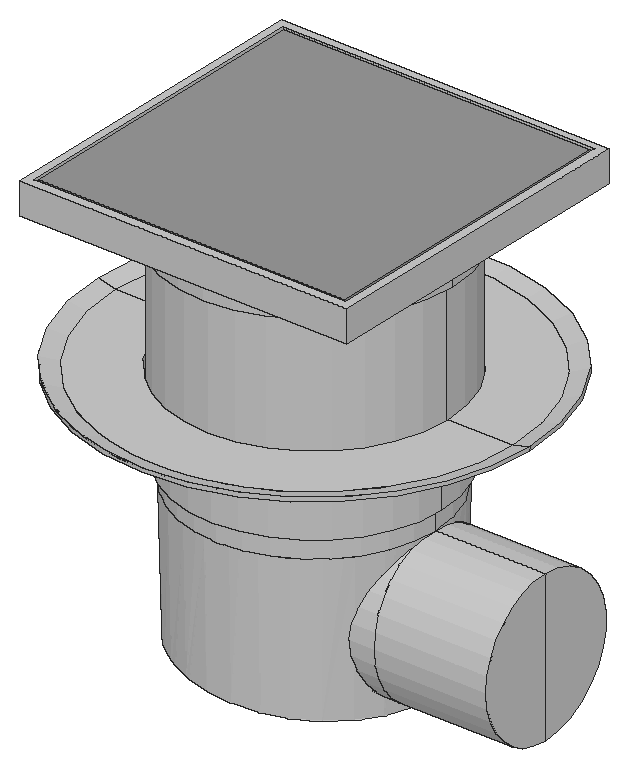
Revit family "HL_Дворовый трап серии Perfekt_HL615W", category Instalační zařizovací předměty, Revit 2016
Family settings
  Typ součásti = Normální
  Kóta kulaté spojky = Použít průměr
  Číslo OmniClass = 23.70.50.21.24.14
  Nadpis OmniClass = Deck Waste Water Drains
  Založené na pracovní rovině = Ne
  Vždy vertikální = Ano
  Ořezat dutým tvarem při načtení = Ne
  Sdílené = Ne
  Bod výpočtu místnosti = Ano
Parameters
  РЕШЁТКА = "Gusseisen 226x226mm"
  РАЗМЕР = "DN110"
  ПРОПУСКНАЯ СПОСОБНОСТЬ [instance] = 0.0 L/s
  ПРОИЗВОДИТЕЛЬНОСТЬ = "2,5 l/s"
  ПРАВОВАЯ ИНФОРМАЦИЯ = "\"Copyright (©), design rights or any other intellectual property rights, shall be the exclusive property of HL Hutterer & Lechner GmbH. Modification is not allowed. Family has been watermarked.\""
  НОМИНАЛЬНЫЙ ДИАМЕТР = 110 mm
  НАСАДКА = "42-130mm/240x240mm"
  МАТЕРИАЛ = "PP"
  МАКСИМАЛЬНАЯ НАГРУЗКА КЛАССА = "L - 1,5 t"
  ВЫСОТА МОНТАЖА = "218 mm"
  ВЕС = "7,44 kg"
  Výrobce = "HL Hutterer & Lechner GmbH"
  URL = "http://www.hutterer-lechner.com/en/products/catalog/roof-drains/HL615W.aspx"
  Материал плитка [instance] = none
  Připojení ventilace = no
  Připojení odpadu = yes
  Připojení HW = no
  Připojení CW = no
  Description = ""
  Model = "HL615W"
  Assembly Code = " "
  Type Comments = "perfect-drain DN110 horizontal with flange, 240x240mm plastic/226x226mm cast iron with trap seal"
  Keynote = "HL615W"
  IH [instance] = Высота монтажа 1 + Высота монтажа 2  # 130 mm
  Высота монтажа 2 [instance] = 0 mm
  Высота монтажа 1 [instance] = 130 mm
  G [instance] = 90.00°  # constant formula
  EAN = "9003076011254"
  D [instance] = 170 mm  # constant formula
  C [instance] = if(IH - 68 mm < 0 mm, 0 mm, IH - 68 mm)  # 62 mm
  B [instance] = 134.4 mm + IH  # 264.4 mm
  A [instance] = if(B - 100 mm > 15 mm, B - 100 mm, 15 mm)  # 164.4 mm
Types (2, lengths in mm): name | ПРАВОВАЯ ИНФОРМАЦИЯ | URL | Description | Type Comments
  (no name) | "\"Copyright (©), design rights or any other intellectual property rights, shall be the exclusive property of HL Hutterer & Lechner GmbH. Modification is not allowed. Family has been watermarked.\"" | "http://www.hutterer-lechner.com/en/products/catalog/roof-drains/HL615W.aspx" | "" | "perfect-drain DN110 horizontal with flange, 240x240mm plastic/226x226mm cast iron with trap seal"
  HL_Дворовый трап серии Perfekt_HL615W | "\"Авторские права(©), права на дизайн или какие либо другие права интелектуальной собственности являются исключительной собственностью компании HL Hutterer & Lechner. Изменению не подлежит. Файл семейства с данными о прозводителе изделия защищен паролем с водяным знаком.\"" | "http://www.hutterer-lechner.com/ru/products/catalog/roof-drains/HL615W.aspx" | "Дворовый трап серии Perfekt DN110 горизонтальный выпуск" | "Дворовый трап серии Perfekt DN110 горизонтальный с обжимным фланцем, 240х240мм ПП/226х226мм чугун с водяным затвором."
Reference planes
  plane 1 "Center (Front/Back)": y = 0
  plane 2: z = 0
  plane 3 "Center (Left/Right)": x = 0
  plane 4: z = -264.4
  plane 5: z = -130
  plane 6: z = -130
Lines and regions (mm)
  model lines, style "InvisibleLines"
    curve 1: line (0, 0, 0) -> (0, 0, 20)
  model lines, style "PlumbingFixtures", detail levels coarse+medium
    curve 2: line (0, 0, -264.4) -> (0, 0, -100)
    curve 3: line (0, 0, -100) -> (-100, 0, 0)
    curve 4: line (0, 0, -100) -> (100, 0, 0)
    curve 6: line (0, 0, -264.4) -> (170, 0, -264.4)
  reference lines, not visible
    curve 5: line (0, 0, -264.4) -> (170, 0, -264.4)
  symbolic lines, style "PlumbingFixtures", detail levels coarse+medium
    curve 7: line (-75, 75, 0) -> (75, 75, 0)
    curve 8: line (-75, -75, 0) -> (-75, 75, 0)
    curve 9: line (75, -75, 0) -> (-75, -75, 0)
    curve 10: line (75, 75, 0) -> (75, -75, 0)
    curve 11: line (-75, 75, 0) -> (-145.711, 145.711, 0)
    curve 12: line (75, 75, 0) -> (145.711, 145.711, 0)
    curve 13: line (-75, -75, 0) -> (-145.711, -145.711, 0)
    curve 14: line (75, -75, 0) -> (145.711, -145.711, 0)
  symbolic lines, style "PlumbingFixtures", not visible, detail levels coarse+medium
    curve 15: line (-75, 75, 0) -> (75, 75, 0)
    curve 16: line (-75, -75, 0) -> (-75, 75, 0)
    curve 17: line (75, -75, 0) -> (-75, -75, 0)
    curve 18: line (75, 75, 0) -> (75, -75, 0)
    curve 19: line (-75, 75, 0) -> (-145.711, 145.711, 0)
    curve 20: line (75, 75, 0) -> (145.711, 145.711, 0)
    curve 21: line (-75, -75, 0) -> (-145.711, -145.711, 0)
    curve 22: line (75, -75, 0) -> (145.711, -145.711, 0)
Text (mm)
  text "FLOOR" at (-162.344, 0, -10.979), in view "Слева"
Dimensions and locks
  "B": plane 2 to plane 4
  "IH": plane 2 to plane 5
  "A": curve 4 to plane 4
  "D": curve 5 to curve 5
  "D": curve 6 to curve 6
  "Высота монтажа 1": plane 2 to plane 6
  locked: curve 4 to plane 3 "Center (Left/Right)" (angle 45.00°)
  locked: plane 3 "Center (Left/Right)" to curve 3 (angle 45.00°)
  "G": angle curve 5 to plane 3 "Center (Left/Right)"
  aligned and locked: level to plane 2
  aligned and locked: plane 2 to curve 4
  aligned and locked: plane 2 to curve 3
  aligned and locked: plane 4 to curve 5
  aligned and locked: curve 5 to plane 3 "Center (Left/Right)"
  aligned and locked: plane 4 to curve 2
  aligned and locked: plane 3 "Center (Left/Right)" to curve 6
  aligned and locked: curve 6 to plane 4
  aligned and locked: nested 1 to plane 3 "Center (Left/Right)"
  aligned and locked: nested 1 to plane 5
  aligned and locked: plane 3 "Center (Left/Right)" to nested 2
  aligned and locked: plane 2 to nested 2
  aligned and locked: plane 3 "Center (Left/Right)" to nested 3
  aligned and locked: plane 2 to nested 3
  aligned and locked: plane 3 "Center (Left/Right)" to nested 4
  aligned and locked: nested 4 to nested 2
Automatic sketch dimensions
  plane 3 "Center (Left/Right)" to curve 2 = 0 mm
  curve 1 to plane 3 "Center (Left/Right)" = 0 mm
  curve 1 to level = 0 mm
  level to curve 1 = 20 mm
Nested families
  nested 1: "HL-кровельные воронки - корпус-HL615K" at (0, 0, -130), type "HL-кровельные воронки - корпус-HL615K"
  nested 2: "HL-Надставные элементы-HL621" at (0, 0, 0), Высота монтажа <- "Высота монтажа 1", type "HL-Надставные элементы-HL621"
    with Высота монтажа 130 mm, a 100 mm, Ihmin 42 mm, Ihmax 130 mm
  nested 3: "HL-Решетка для сливного отверстия-HL0606.1E" at (0, 0, 0), type "HL-Решетка для сливного отверстия-HL0606.1E"
  nested 4: "HL-Песколовка-HL0606.2E" at (0, 0, -41.998), type "HL-Песколовка-HL0606.2E"
Connectors
  piping at (170, 0, -264.4), diameter 110, driven by "ПРОПУСКНАЯ СПОСОБНОСТЬ", driven by "НОМИНАЛЬНЫЙ ДИАМЕТР"
    settings: on curve 5, index 1, connector inside diameter 609.6 mm, connector length 0 mm, flow factor 0, pipe flow 0.0 L/s, pressure drop 0.0 Pa, fitting loss kfactor 0, connector angle 0.00°, fixture units 0, engagement length 0 mm, angle of deflection 0.00°, flow configuration 1, flow direction 2, fitting loss method 0, system type 16, joint type 0, gender type 0, connector reference index -1, connector utility 0, adjustable connector yes, is connector primary yes, connector description ""
Definition of nested family "HL-кровельные воронки - корпус-HL615K"
  Parameters
    РАЗМЕР = ""
    ПРАВОВАЯ ИНФОРМАЦИЯ = ""
    МАТЕРИАЛ = ""
    ВЫСОТА МОНТАЖА = ""
    ВЕС = ""
    Manufacturer = ""
    URL = ""
    Description = ""
    Model = ""
    материал = none
    Type Comments = ""
    Keynote = ""
    EAN = ""
    Cost = 0
  Types (2, lengths in mm): name | РАЗМЕР | ПРАВОВАЯ ИНФОРМАЦИЯ | МАТЕРИАЛ | ВЫСОТА МОНТАЖА | ВЕС | Manufacturer | URL | Description | Model | Type Comments | Keynote | EAN
    (no name) | "" | "" | "" | "" | "" | "" | "" | "" | "" | "" | "" | ""
    HL-кровельные воронки - корпус-HL615K | "DN110" | "\"Авторские права(©), права на дизайн или какие либо другие права интелектуальной собственности являются исключительной собственностью компании HL Hutterer & Lechner. Изменению не подлежит. Файл семейства с данными о прозводителе изделия защищен паролем с водяным знаком.\"" | "PP" | "190 mm" | "0,718 kg" | "HL Hutterer & Lechner GmbH" | "http://www.hutterer-lechner.com/ru/products/catalog/roof-drains/HL615K.aspx" | "Дворовый трап серии Perfekt DN110 горизонтальный выпуск" | "HL615K" | "Корпус дворового трапа серии Perfekt DN110 горизонтальный с обжимным фланцем." | "HL615K" | "9003076012879"
  Reference planes
    plane 1 "Střed (vpředu/vzadu)": y = 0
    plane 2: z = 0
    plane 3 "Střed (vlevo/vpravo)": x = 0
  Forms (mm)
    Revolve 1, solid, material <- "материал", detail levels fine
      sketch origin (0, 0, 16.838) x (1, 0, 0) y (0, 0, 1)
        loop
          line (-102.992, -29.032) -> (-102.992, -49.657) -> (-93.991, -49.657) -> (-93.991, -81.233) -> (-89.525, -81.233) -> (-89.525, -96.233) -> (-87.601, -206.46) -> (0, -206.46) -> (0, -142.233) -> (-85.48, -142.233) -> (-85.48, -77) -> (-90.064, -77) -> (-90.064, -42) -> (-98.519, -42) -> (-98.519, -20.158) -> (-146.118, -20.158) -> (-158.507, -16.838) -> (-158.507, -19.787) -> (-146.081, -23.116) -> (-137.541, -23.116) -> (-137.541, -29.032) -> (-102.992, -29.032)
        axis (0, -16.838) -> (0, -206.46)
      angle from 0 to 360
    Extrusion 2, void
      sketch origin (0, 0, 16.838) x (1, 0, 0) y (0, 0, 1)
        loop
          line (101.097, -207.584) -> (-103.425, -190.313) -> (-103.425, -230.313) -> (101.097, -230.313) -> (101.097, -207.584)
      from -118.5 to 100
    Revolve 3, solid, material <- "материал", detail levels fine
      sketch origin (0, 0, 16.838) x (1, 0, 0) y (0, 0, 1)
        loop
          line (170, -151.233) -> (52.576, -151.233) -> (52.576, -206.233) -> (87.576, -206.233) -> (170, -206.233) -> (170, -151.233)
        axis (52.576, -151.233) -> (170, -151.233)
      angle from 0 to 360
    Extrusion 4, void
      sketch origin (0, 0, 16.838) x (1, 0, 0) y (0, 1, 0)
        loop
          line (53.489, 64) -> (-15, 64) -> (-15, 82.049)
          arc (-15, 82.049) -> (-83.409, 0) -> (-15, -82.049) r 83.409
          line (-15, -82.049) -> (-15, -64) -> (53.489, -64)
          arc (53.489, -64) -> (83.409, 0) -> (53.489, 64) r 83.409
      from -186.135 to -66.314
    Extrusion 5, void
      sketch origin (400, 0, 16.838) x (1, 0, 0) y (0, 1, 0)
        loop
          line (-343.274, 64) -> (-415, 64) -> (-415, -64) -> (-344.352, -64)
          arc (-344.352, -64) -> (-313.891, -0.252) -> (-343.274, 64) r 83.409
      from -186.135 to -66.314
  Cuts and joins
    Extrusion 2, Extrusion 4 cuts Revolve 1
    Extrusion 2, Extrusion 5 cuts Revolve 3
  Dimensions and locks
    aligned and locked: level to plane 2
Definition of nested family "HL-Надставные элементы-HL621"
  Parameters (values of type "HL-Надставные элементы-HL621")
    РЕШЁТКА = "Gusseisen 226x226mm"
    РАЗМЕР = "d 195mm"
    ПРАВОВАЯ ИНФОРМАЦИЯ = "\"Авторские права(©), права на дизайн или какие либо другие права интелектуальной собственности являются исключительной собственностью компании HL Hutterer & Lechner. Изменению не подлежит. Файл семейства с данными о прозводителе изделия защищен паролем с водяным знаком.\""
    НАСАДКА = "240x240mm"
    МАТЕРИАЛ = "PP, Gusseisen"
    МАКСИМАЛЬНАЯ НАГРУЗКА КЛАССА = "L - 1,5 t"
    ВЫСОТА МОНТАЖА = "144 mm"
    ВЕС = "6,51 [kg]"
    a [instance] = if(Высота монтажа < Ihmin, -10 mm, if(Высота монтажа > Ihmax, -10 mm, Высота монтажа - 30 mm))  # 100 mm
    Manufacturer = "HL Hutterer & Lechner GmbH"
    URL = "http://www.hutterer-lechner.com/ru/products/catalog/roof-drains/HL621.aspx"
    Description = "Надставные элементы"
    Model = "HL621"
    материал 2 = none
    материал = none
    Type Comments = "Насадка d 195мм/240х240мм/226х226мм чугун"
    Keynote = "HL621"
    Высота монтажа [instance] = 130 mm
    Ihmin [instance] = 42 mm
    Ihmax [instance] = 130 mm
    EAN = "9003076014644"
    Cost = 0
  Values of the unnamed type that differ from the named types
    РЕШЁТКА = ""
    РАЗМЕР = ""
    ПРАВОВАЯ ИНФОРМАЦИЯ = ""
    НАСАДКА = ""
    МАТЕРИАЛ = ""
    МАКСИМАЛЬНАЯ НАГРУЗКА КЛАССА = ""
    ВЫСОТА МОНТАЖА = ""
    ВЕС = ""
    Manufacturer = ""
    URL = ""
    Description = ""
    Model = ""
    Type Comments = ""
    Keynote = ""
    EAN = ""
  Reference planes
    plane 1 "Střed (vpředu/vzadu)": y = 0
    plane 2: z = 0
    plane 3 "Střed (vlevo/vpravo)": x = 0
    plane 4: z = -45
    plane 5: z = -145
  Forms (mm)
    Extrusion 1, solid, material <- "материал", detail levels fine
      sketch origin (0, 0, 0) x (1, 0, 0) y (0, 1, 0)
        loop
          line (-112.5, 112.5) -> (-112.5, -112.5) -> (112.5, -112.5) -> (112.5, 112.5) -> (-112.5, 112.5)
      from 0 to -20
    Extrusion 2, solid, material <- "материал 2", detail levels fine
      sketch origin (0, 0, 0) x (1, 0, 0) y (0, 1, 0)
        loop
          line (114.5, -114.5) -> (114.5, 114.5) -> (-114.5, 114.5) -> (-114.5, -114.5) -> (114.5, -114.5)
        loop
          line (-120, 120) -> (-120, -120) -> (120, -120) -> (120, 120) -> (-120, 120)
      from 0 to -20
    Extrusion 3, solid, material <- "материал 2", detail levels fine
      sketch origin (0, 0, 0) x (1, 0, 0) y (0, 1, 0)
        loop
          line (120, -120) -> (120, 120) -> (-120, 120) -> (-120, -120) -> (120, -120)
      from -20 to -23
    Revolve 4, solid, material <- "материал 2", detail levels fine
      sketch origin (0, 0, 0) x (1, 0, 0) y (0, 0, 1)
        loop
          line (0, -23) -> (-101.5, -23) -> (-101.5, -45) -> (0, -45) -> (0, -23)
        axis (0, -45) -> (0, -23)
      angle from 0 to 360
    Revolve 5, solid, material <- "материал 2", detail levels fine
      sketch origin (0, 0, 0) x (1, 0, 0) y (0, 0, 1)
        loop
          line (0, -45) -> (0, -145) -> (97.213, -145) -> (97.213, -45) -> (0, -45)
        axis (0, -45) -> (0, -145)
      angle from 0 to 360
  Cuts and joins
    joined: Extrusion 2, Extrusion 3
  Lines and regions (mm)
    model lines, detail levels fine
      curve 1: line (10.96, 46.315, 0) -> (45.608, 80.964, 0)
      curve 2: line (56.215, 70.357, 0) -> (21.567, 35.709, 0)
      curve 3: line (35.709, 21.567, 0) -> (70.357, 56.215, 0)
      curve 4: line (80.964, 45.608, 0) -> (46.315, 10.96, 0)
      curve 5: line (92, 7.5, 0) -> (72.5, 7.5, 0)
      curve 6: line (92, -7.5, 0) -> (72.5, -7.5, 0)
      curve 7: arc (92, -7.5, 0) -> (99.5, 0, 0) -> (92, 7.5, 0) r 7.5
      curve 8: arc (72.5, -7.5, 0) -> (65, 0, 0) -> (72.5, 7.5, 0) r 7.5
      curve 9: arc (80.964, 45.608, 0) -> (80.964, 56.215, 0) -> (70.357, 56.215, 0) r 7.5
      curve 10: arc (56.215, 70.357, 0) -> (56.215, 80.964, 0) -> (45.608, 80.964, 0) r 7.5
      curve 11: arc (21.567, 35.709, 0) -> (10.96, 35.709, 0) -> (10.96, 46.315, 0) r 7.5
      curve 12: arc (46.315, 10.96, 0) -> (35.709, 10.96, 0) -> (35.709, 21.567, 0) r 7.5
      curve 13: line (7.5, 92, 0) -> (7.5, 72.5, 0)
      curve 14: line (-7.5, 92, 0) -> (-7.5, 72.5, 0)
      curve 15: arc (-7.5, 92, 0) -> (0, 99.5, 0) -> (7.5, 92, 0) r 7.5
      curve 16: arc (-7.5, 72.5, 0) -> (0, 65, 0) -> (7.5, 72.5, 0) r 7.5
      curve 17: line (7.5, -92, 0) -> (7.5, -72.5, 0)
      curve 18: line (-7.5, -92, 0) -> (-7.5, -72.5, 0)
      curve 19: arc (-7.5, -92, 0) -> (0, -99.5, 0) -> (7.5, -92, 0) r 7.5
      curve 20: arc (-7.5, -72.5, 0) -> (0, -65, 0) -> (7.5, -72.5, 0) r 7.5
      curve 21: line (92, -7.5, 0) -> (72.5, -7.5, 0)
      curve 22: line (92, 7.5, 0) -> (72.5, 7.5, 0)
      curve 23: arc (92, 7.5, 0) -> (99.5, 0, 0) -> (92, -7.5, 0) r 7.5
      curve 24: arc (72.5, 7.5, 0) -> (65, 0, 0) -> (72.5, -7.5, 0) r 7.5
      curve 25: line (-92, -7.5, 0) -> (-72.5, -7.5, 0)
      curve 26: arc (-92, -7.5, 0) -> (-99.5, 0, 0) -> (-92, 7.5, 0) r 7.5
      curve 27: arc (-72.5, -7.5, 0) -> (-65, 0, 0) -> (-72.5, 7.5, 0) r 7.5
      curve 28: line (-92, -7.5, 0) -> (-72.5, -7.5, 0)
      curve 29: line (-92, 7.5, 0) -> (-72.5, 7.5, 0)
      curve 30: arc (-92, 7.5, 0) -> (-99.5, 0, 0) -> (-92, -7.5, 0) r 7.5
      curve 31: arc (-72.5, 7.5, 0) -> (-65, 0, 0) -> (-72.5, -7.5, 0) r 7.5
      curve 32: line (-10.96, 46.315, 0) -> (-45.608, 80.964, 0)
      curve 33: line (-56.215, 70.357, 0) -> (-21.567, 35.709, 0)
      curve 34: line (-35.709, 21.567, 0) -> (-70.357, 56.215, 0)
      curve 35: line (-80.964, 45.608, 0) -> (-46.315, 10.96, 0)
      curve 36: arc (-80.964, 45.608, 0) -> (-80.964, 56.215, 0) -> (-70.357, 56.215, 0) r 7.5
      curve 37: arc (-56.215, 70.357, 0) -> (-56.215, 80.964, 0) -> (-45.608, 80.964, 0) r 7.5
      curve 38: arc (-21.567, 35.709, 0) -> (-10.96, 35.709, 0) -> (-10.96, 46.315, 0) r 7.5
      curve 39: arc (-46.315, 10.96, 0) -> (-35.709, 10.96, 0) -> (-35.709, 21.567, 0) r 7.5
      curve 40: line (10.96, -46.315, 0) -> (45.608, -80.964, 0)
      curve 41: line (56.215, -70.357, 0) -> (21.567, -35.709, 0)
      curve 42: line (35.709, -21.567, 0) -> (70.357, -56.215, 0)
      curve 43: line (80.964, -45.608, 0) -> (46.315, -10.96, 0)
      curve 44: arc (80.964, -45.608, 0) -> (80.964, -56.215, 0) -> (70.357, -56.215, 0) r 7.5
      curve 45: arc (56.215, -70.357, 0) -> (56.215, -80.964, 0) -> (45.608, -80.964, 0) r 7.5
      curve 46: arc (21.567, -35.709, 0) -> (10.96, -35.709, 0) -> (10.96, -46.315, 0) r 7.5
      curve 47: arc (46.315, -10.96, 0) -> (35.709, -10.96, 0) -> (35.709, -21.567, 0) r 7.5
      curve 48: line (-10.96, -46.315, 0) -> (-45.608, -80.964, 0)
      curve 49: line (-56.215, -70.357, 0) -> (-21.567, -35.709, 0)
      curve 50: line (-35.709, -21.567, 0) -> (-70.357, -56.215, 0)
      curve 51: line (-80.964, -45.608, 0) -> (-46.315, -10.96, 0)
      curve 52: arc (-80.964, -45.608, 0) -> (-80.964, -56.215, 0) -> (-70.357, -56.215, 0) r 7.5
      curve 53: arc (-56.215, -70.357, 0) -> (-56.215, -80.964, 0) -> (-45.608, -80.964, 0) r 7.5
      curve 54: arc (-21.567, -35.709, 0) -> (-10.96, -35.709, 0) -> (-10.96, -46.315, 0) r 7.5
      curve 55: arc (-46.315, -10.96, 0) -> (-35.709, -10.96, 0) -> (-35.709, -21.567, 0) r 7.5
  Dimensions and locks
    locked: plane 2 to plane 4 at 45
    "a": plane 4 to Revolve 5 sketch curve
    locked: plane 2 to plane 5 at 145
    aligned and locked: level to plane 2
    aligned and locked: plane 4 to Revolve 5 sketch curve
  Automatic sketch dimensions
    curve 7 to curve 23 = 0 mm  (x2)
    curve 8 to curve 24 = 0 mm  (x2)
    curve 26 to curve 30 = 0 mm  (x2)
    curve 27 to curve 31 = 0 mm  (x2)
    plane 1 "Střed (vpředu/vzadu)" to curve 26 = 0 mm
    curve 16 to plane 3 "Střed (vlevo/vpravo)" = 0 mm
    curve 20 to plane 3 "Střed (vlevo/vpravo)" = 0 mm
    plane 1 "Střed (vpředu/vzadu)" to curve 24 = 0 mm
    curve 18 to plane 3 "Střed (vlevo/vpravo)" = 7.5 mm
    curve 14 to plane 3 "Střed (vlevo/vpravo)" = 7.5 mm
    curve 32 to plane 3 "Střed (vlevo/vpravo)" = 10.96 mm
    curve 48 to plane 3 "Střed (vlevo/vpravo)" = 10.96 mm
    curve 54 to curve 54 = 5.303 mm  (x2)
    curve 38 to curve 38 = 5.303 mm  (x2)
    curve 49 to curve 54 = 5.303 mm
    curve 33 to curve 38 = 5.303 mm
    curve 34 to curve 33 = 14.142 mm
    curve 50 to curve 49 = 14.142 mm
    curve 39 to curve 34 = 5.303 mm
    curve 55 to curve 50 = 5.303 mm
    curve 48 to curve 20 = 38.108 mm
    curve 32 to curve 14 = 38.108 mm
    curve 35 to plane 1 "Střed (vpředu/vzadu)" = 10.96 mm
    curve 35 to curve 39 = 5.303 mm
    plane 1 "Střed (vpředu/vzadu)" to curve 51 = 10.96 mm
    curve 51 to curve 55 = 5.303 mm
    curve 53 to curve 48 = 5.303 mm
    curve 37 to curve 32 = 5.303 mm
    curve 49 to curve 53 = 5.303 mm
    curve 33 to curve 37 = 5.303 mm  (x2)
    curve 34 to curve 37 = 14.142 mm
    curve 50 to curve 53 = 14.142 mm
    curve 27 to curve 39 = 26.185 mm
    curve 36 to curve 34 = 5.303 mm
    curve 52 to curve 50 = 5.303 mm
    curve 35 to plane 1 "Střed (vpředu/vzadu)" = 45.608 mm
    curve 35 to curve 36 = 5.303 mm  (x2)
    plane 1 "Střed (vpředu/vzadu)" to curve 51 = 45.608 mm
    curve 51 to curve 52 = 5.303 mm
    plane 1 "Střed (vpředu/vzadu)" to curve 28 = 7.5 mm
    curve 28 to curve 25 = 19.5 mm
    plane 3 "Střed (vlevo/vpravo)" to curve 1 = 10.96 mm
    plane 3 "Střed (vlevo/vpravo)" to curve 40 = 10.96 mm
    curve 11 to curve 11 = 5.303 mm
    curve 46 to curve 46 = 5.303 mm  (x2)
    curve 11 to curve 2 = 5.303 mm
    curve 46 to curve 41 = 5.303 mm
    curve 2 to curve 3 = 14.142 mm
    curve 41 to curve 42 = 14.142 mm  (x3)
    curve 42 to curve 47 = 5.303 mm
    curve 3 to curve 12 = 5.303 mm
    curve 13 to curve 1 = 38.108 mm
    curve 17 to curve 40 = 38.108 mm
    plane 1 "Střed (vpředu/vzadu)" to curve 43 = 10.96 mm
    curve 47 to curve 43 = 5.303 mm
    curve 4 to plane 1 "Střed (vpředu/vzadu)" = 10.96 mm
    curve 12 to curve 4 = 5.303 mm
    curve 1 to curve 10 = 5.303 mm
    curve 40 to curve 45 = 5.303 mm
    curve 45 to curve 41 = 5.303 mm  (x2)
    curve 10 to curve 2 = 5.303 mm
    curve 10 to curve 3 = 14.142 mm
    curve 43 to curve 24 = 26.185 mm
    curve 42 to curve 44 = 5.303 mm
    curve 3 to curve 9 = 5.303 mm
    plane 1 "Střed (vpředu/vzadu)" to curve 43 = 45.608 mm
    curve 44 to curve 43 = 5.303 mm
    curve 4 to plane 1 "Střed (vpředu/vzadu)" = 45.608 mm
    curve 9 to curve 4 = 5.303 mm
    curve 5 to plane 1 "Střed (vpředu/vzadu)" = 7.5 mm
    curve 22 to curve 5 = 19.5 mm
    plane 1 "Střed (vpředu/vzadu)" to curve 48 = 46.315 mm
    curve 48 to curve 40 = 0 mm
    curve 52 to curve 52 = 5.303 mm
    curve 44 to curve 44 = 5.303 mm
    curve 49 to curve 50 = 14.142 mm
    curve 17 to curve 40 = 26.185 mm
    curve 53 to curve 49 = 5.303 mm
    curve 17 to curve 20 = 19.5 mm
    curve 42 to curve 47 = 10.607 mm
    curve 50 to curve 51 = 10.607 mm
    curve 4 to curve 12 = 5.303 mm
    curve 39 to curve 39 = 5.303 mm
    curve 39 to curve 33 = 14.142 mm
    curve 12 to curve 2 = 14.142 mm
    curve 2 to curve 11 = 5.303 mm
    curve 9 to curve 9 = 5.303 mm
    curve 3 to curve 2 = 14.142 mm
    curve 36 to curve 33 = 14.142 mm
    curve 11 to curve 13 = 26.185 mm
    curve 2 to curve 10 = 5.303 mm
    curve 14 to curve 14 = 19.5 mm
    Extrusion 1 sketch curve to plane 3 "Střed (vlevo/vpravo)" = 112.5 mm
    plane 3 "Střed (vlevo/vpravo)" to Extrusion 1 sketch curve = 112.5 mm
    plane 1 "Střed (vpředu/vzadu)" to Extrusion 1 sketch curve = 112.5 mm
    Extrusion 1 sketch curve to plane 1 "Střed (vpředu/vzadu)" = 112.5 mm
    Extrusion 2 sketch curve to plane 3 "Střed (vlevo/vpravo)" = 120 mm
    Extrusion 2 sketch curve to Extrusion 2 sketch curve = 5.5 mm  (x4)
    plane 3 "Střed (vlevo/vpravo)" to Extrusion 2 sketch curve = 114.5 mm
    plane 1 "Střed (vpředu/vzadu)" to Extrusion 2 sketch curve = 120 mm
    Extrusion 2 sketch curve to plane 1 "Střed (vpředu/vzadu)" = 114.5 mm
    Extrusion 3 sketch curve to plane 3 "Střed (vlevo/vpravo)" = 120 mm
    plane 3 "Střed (vlevo/vpravo)" to Extrusion 3 sketch curve = 120 mm
    plane 1 "Střed (vpředu/vzadu)" to Extrusion 3 sketch curve = 120 mm
    Extrusion 3 sketch curve to plane 1 "Střed (vpředu/vzadu)" = 120 mm
    Revolve 4 sketch curve to plane 4 = 0 mm
    Revolve 4 sketch curve to plane 3 "Střed (vlevo/vpravo)" = 0 mm  (x2)
    plane 4 to Revolve 4 sketch curve = 22 mm
    Revolve 4 sketch curve to plane 3 "Střed (vlevo/vpravo)" = 101.5 mm
    level to Revolve 4 sketch curve = 32 mm
    Revolve 4 sketch curve to Revolve 4 sketch curve = 90 mm
    Revolve 5 sketch curve to plane 3 "Střed (vlevo/vpravo)" = 0 mm  (x2)
    plane 3 "Střed (vlevo/vpravo)" to Revolve 5 sketch curve = 97.213 mm
    Revolve 5 sketch curve to Revolve 5 sketch curve = 38.999 mm
    Revolve 5 sketch curve to Revolve 5 sketch curve = 140 mm
Definition of nested family "HL-Решетка для сливного отверстия-HL0606.1E"
  Parameters
    РАЗМЕР = ""
    ПРАВОВАЯ ИНФОРМАЦИЯ = ""
    МАТЕРИАЛ = ""
    МАКСИМАЛЬНАЯ НАГРУЗКА КЛАССА = ""
    ВЕС = ""
    Manufacturer = ""
    URL = ""
    Description = ""
    Model = ""
    материал = none
    Type Comments = ""
    Keynote = ""
    EAN = ""
    Cost = 0
  Types (2, lengths in mm): name | РАЗМЕР | ПРАВОВАЯ ИНФОРМАЦИЯ | МАТЕРИАЛ | МАКСИМАЛЬНАЯ НАГРУЗКА КЛАССА | ВЕС | Manufacturer | URL | Description | Model | Type Comments | Keynote | EAN
    (no name) | "" | "" | "" | "" | "" | "" | "" | "" | "" | "" | "" | ""
    HL-Решетка для сливного отверстия-HL0606.1E | "226x226mm" | "\"Авторские права(©), права на дизайн или какие либо другие права интелектуальной собственности являются исключительной собственностью компании HL Hutterer & Lechner. Изменению не подлежит. Файл семейства с данными о прозводителе изделия защищен паролем с водяным знаком.\"" | "Gusseisen" | "B - 12,5 t (aussen)" | "6,046 kg" | "HL Hutterer & Lechner GmbH" | "http://www.hutterer-lechner.com/ru/products/catalog/roof-drains/HL0606.1E.aspx" | "Решетка для сливного отверстия" | "HL0606.1E" | "Чугунная решетка для сливного отверстия 226х226мм" | "HL0606.1E" | "9003076060610"
  Reference planes
    plane 1 "Střed (vpředu/vzadu)": y = 0
    plane 2: z = 0
    plane 3 "Střed (vlevo/vpravo)": x = 0
  Forms (mm)
    Extrusion 1, solid, material <- "материал", detail levels fine
      sketch origin (0, 0, 0) x (1, 0, 0) y (0, 1, 0)
        loop
          line (112.5, 112.5) -> (-112.5, 112.5) -> (-112.5, -112.5) -> (112.5, -112.5) -> (112.5, 112.5)
      from 0 to -20.1
  Lines and regions (mm)
    model lines, detail levels fine
      curve 1: line (80.964, 45.608, 0) -> (46.315, 10.96, 0)
      curve 2: line (10.96, 46.315, 0) -> (45.608, 80.964, 0)
      curve 3: line (21.567, 35.709, 0) -> (56.215, 70.357, 0)
      curve 4: line (35.709, 21.567, 0) -> (70.357, 56.215, 0)
      curve 5: arc (80.964, 45.608, 0) -> (80.964, 56.215, 0) -> (70.357, 56.215, 0) r 7.5
      curve 6: arc (56.215, 70.357, 0) -> (56.215, 80.964, 0) -> (45.608, 80.964, 0) r 7.5
      curve 7: arc (21.567, 35.709, 0) -> (10.96, 35.709, 0) -> (10.96, 46.315, 0) r 7.5
      curve 8: arc (46.315, 10.96, 0) -> (35.709, 10.96, 0) -> (35.709, 21.567, 0) r 7.5
      curve 9: line (80.964, -45.608, 0) -> (46.315, -10.96, 0)
      curve 10: line (10.96, -46.315, 0) -> (45.608, -80.964, 0)
      curve 11: line (21.567, -35.709, 0) -> (56.215, -70.357, 0)
      curve 12: line (35.709, -21.567, 0) -> (70.357, -56.215, 0)
      curve 13: arc (80.964, -45.608, 0) -> (80.964, -56.215, 0) -> (70.357, -56.215, 0) r 7.5
      curve 14: arc (56.215, -70.357, 0) -> (56.215, -80.964, 0) -> (45.608, -80.964, 0) r 7.5
      curve 15: arc (21.567, -35.709, 0) -> (10.96, -35.709, 0) -> (10.96, -46.315, 0) r 7.5
      curve 16: arc (46.315, -10.96, 0) -> (35.709, -10.96, 0) -> (35.709, -21.567, 0) r 7.5
      curve 17: line (-80.964, 45.608, 0) -> (-46.315, 10.96, 0)
      curve 18: line (-10.96, 46.315, 0) -> (-45.608, 80.964, 0)
      curve 19: line (-21.567, 35.709, 0) -> (-56.215, 70.357, 0)
      curve 20: line (-35.709, 21.567, 0) -> (-70.357, 56.215, 0)
      curve 21: arc (-80.964, 45.608, 0) -> (-80.964, 56.215, 0) -> (-70.357, 56.215, 0) r 7.5
      curve 22: arc (-56.215, 70.357, 0) -> (-56.215, 80.964, 0) -> (-45.608, 80.964, 0) r 7.5
      curve 23: arc (-21.567, 35.709, 0) -> (-10.96, 35.709, 0) -> (-10.96, 46.315, 0) r 7.5
      curve 24: arc (-46.315, 10.96, 0) -> (-35.709, 10.96, 0) -> (-35.709, 21.567, 0) r 7.5
      curve 25: line (-80.964, -45.608, 0) -> (-46.315, -10.96, 0)
      curve 26: line (-10.96, -46.315, 0) -> (-45.608, -80.964, 0)
      curve 27: line (-21.567, -35.709, 0) -> (-56.215, -70.357, 0)
      curve 28: line (-35.709, -21.567, 0) -> (-70.357, -56.215, 0)
      curve 29: arc (-80.964, -45.608, 0) -> (-80.964, -56.215, 0) -> (-70.357, -56.215, 0) r 7.5
      curve 30: arc (-56.215, -70.357, 0) -> (-56.215, -80.964, 0) -> (-45.608, -80.964, 0) r 7.5
      curve 31: arc (-21.567, -35.709, 0) -> (-10.96, -35.709, 0) -> (-10.96, -46.315, 0) r 7.5
      curve 32: arc (-46.315, -10.96, 0) -> (-35.709, -10.96, 0) -> (-35.709, -21.567, 0) r 7.5
      curve 33: line (7.5, 92, 0) -> (7.5, 72.5, 0)
      curve 34: line (-7.5, 92, 0) -> (-7.5, 72.5, 0)
      curve 35: arc (7.5, 92, 0) -> (0, 99.5, 0) -> (-7.5, 92, 0) r 7.5
      curve 36: arc (7.5, 72.5, 0) -> (0, 65, 0) -> (-7.5, 72.5, 0) r 7.5
      curve 37: line (92, 7.5, 0) -> (72.5, 7.5, 0)
      curve 38: line (92, -7.5, 0) -> (72.5, -7.5, 0)
      curve 39: arc (92, 7.5, 0) -> (99.5, 0, 0) -> (92, -7.5, 0) r 7.5
      curve 40: arc (72.5, 7.5, 0) -> (65, 0, 0) -> (72.5, -7.5, 0) r 7.5
      curve 41: line (-92, 7.5, 0) -> (-72.5, 7.5, 0)
      curve 42: line (-92, -7.5, 0) -> (-72.5, -7.5, 0)
      curve 43: arc (-92, 7.5, 0) -> (-99.5, 0, 0) -> (-92, -7.5, 0) r 7.5
      curve 44: arc (-72.5, 7.5, 0) -> (-65, 0, 0) -> (-72.5, -7.5, 0) r 7.5
      curve 45: line (7.5, -92, 0) -> (7.5, -72.5, 0)
      curve 46: line (-7.5, -92, 0) -> (-7.5, -72.5, 0)
      curve 47: arc (7.5, -92, 0) -> (0, -99.5, 0) -> (-7.5, -92, 0) r 7.5
      curve 48: arc (7.5, -72.5, 0) -> (0, -65, 0) -> (-7.5, -72.5, 0) r 7.5
  Dimensions and locks
    aligned and locked: level to plane 2
Definition of nested family "HL-Песколовка-HL0606.2E"
  Parameters (values of type "HL-Песколовка-HL0606.2E")
    ПРАВОВАЯ ИНФОРМАЦИЯ = "\"Авторские права(©), права на дизайн или какие либо другие права интелектуальной собственности являются исключительной собственностью компании HL Hutterer & Lechner. Изменению не подлежит. Файл семейства с данными о прозводителе изделия защищен паролем с водяным знаком.\""
    МАТЕРИАЛ = "PP"
    ВЕС = "0,09 kg"
    Manufacturer = "HL Hutterer & Lechner GmbH"
    URL = "http://www.hutterer-lechner.com/ru/products/catalog/roof-drains/HL0606.2E.aspx"
    Description = "Песколовка"
    Model = "HL0606.2E"
    материал = none
    Type Comments = "Песколовка"
    Keynote = "HL0606.2E"
    EAN = "9003076060627"
    Cost = 0
  Values of the unnamed type that differ from the named types
    ПРАВОВАЯ ИНФОРМАЦИЯ = ""
    МАТЕРИАЛ = ""
    ВЕС = ""
    Manufacturer = ""
    URL = ""
    Description = ""
    Model = ""
    Type Comments = ""
    Keynote = ""
    EAN = ""
  Reference planes
    plane 1 "Střed (vpředu/vzadu)": y = 0
    plane 2: z = 0
    plane 3 "Střed (vlevo/vpravo)": x = 0
  Forms (mm)
    Revolve 1, solid, material <- "материал", detail levels fine
      sketch origin (0, 0, 0) x (1, 0, 0) y (0, 0, 1)
        loop
          line (0, -55.952) -> (0, -58.018) -> (57.601, -56.006)
          arc (57.601, -56.006) -> (65.932, -53.053) -> (69.532, -44.98) r 11.208
          line (69.532, -44.98) -> (72.482, -41.586) -> (75.031, -12.448) -> (75.865, -6.515)
          arc (75.865, -6.515) -> (76.428, -5.156) -> (77.786, -4.594) r 1.921
          line (77.786, -4.594) -> (95.979, -3.002) -> (95.979, -0.001) -> (73.246, -1.99) -> (69.436, -41.391) -> (67.501, -43.326)
          arc (67.501, -43.326) -> (65.111, -51.02) -> (57.603, -53.94) r 9.273
          line (57.603, -53.94) -> (0, -55.952)
        axis (0, -58.018) -> (0, -0.001)
      angle from 0 to 360
  Dimensions and locks
    aligned and locked: level to plane 2
